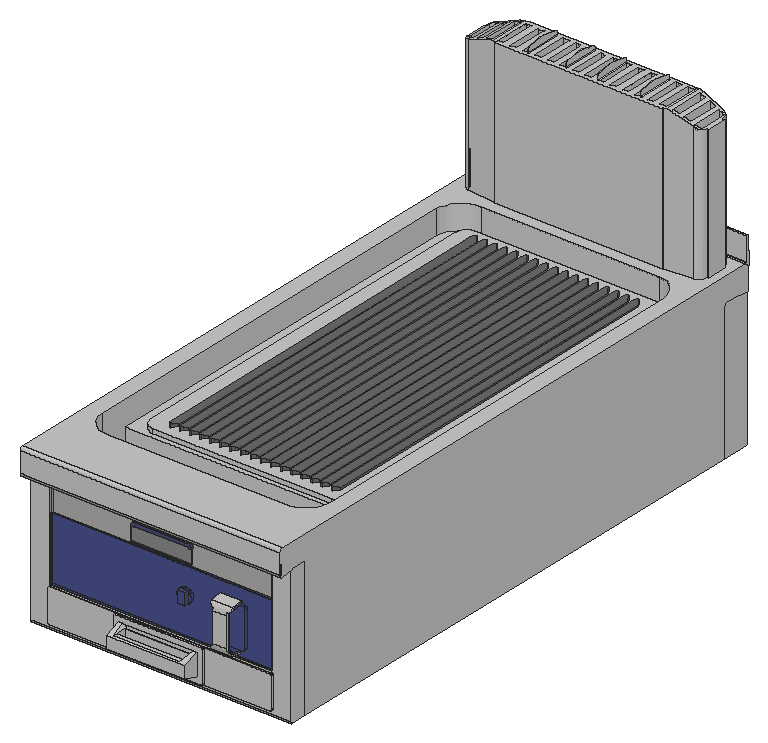
Revit family "QF_ELECTROLUXPROFESSIONAL_593321_MCHMABHOVO", category Specialty Equipment, Revit 2018 (continued)
Definition of nested family "GG_900_Flute for 400 fryer"
  Automatic sketch dimensions
    plane 5 to curve 10 = 15.407 mm
    curve 5 to curve 5 = 12.5 mm
    curve 10 to curve 9 = 0 mm
    curve 4 to curve 5 = 0 mm
    plane 5 to curve 6 = 32.954 mm
    curve 11 to curve 11 = 12.5 mm
    curve 4 to plane 5 = 15.407 mm
    curve 11 to curve 9 = 0 mm
    curve 3 to curve 3 = 12.5 mm
Definition of nested family "GG_900_400 mm Full Grate"
  Parameters
    Length = 262 mm
    Array = Length / 15 mm  # 17
  Reference planes
    plane 1: z = 0
    plane 2 "Center (Left/Right)": x = 0
    plane 3: z = 900
    plane 4: z = 888
    plane 5: x = -175
    plane 6: x = 135
    plane 7: x = -151
    plane 8: x = 131
  Forms (mm)
    Extrusion 1, solid
      sketch origin (653.786, 467.26, 0) x (1, 0, 0) y (0, 1, 0)
        loop
          line (-808.786, -175.198) -> (-808.786, -760.472)
          arc (-808.786, -760.472) -> (-803.807, -772.493) -> (-791.786, -777.472) r 17
          line (-791.786, -777.472) -> (-516.936, -777.472)
          arc (-516.936, -777.472) -> (-504.102, -772.156) -> (-498.786, -759.322) r 18.15
          line (-498.786, -759.322) -> (-498.786, -175.198)
          arc (-498.786, -175.198) -> (-504.102, -162.364) -> (-516.936, -157.048) r 18.15
          line (-516.936, -157.048) -> (-790.636, -157.048)
          arc (-790.636, -157.048) -> (-803.47, -162.364) -> (-808.786, -175.198) r 18.15
      from 888 to 894.474
  Lines and regions (mm)
    symbolic lines
      curve 1: line (-131, 286.484, 0) -> (-124.5, 295.767, 0)
      curve 2: line (-124.5, 295.767, 0) -> (-118, 286.484, 0)
      curve 3: line (-118, -286.484, 0) -> (-118, 286.484, 0)
      curve 4: line (-131, 286.484, 0) -> (-131, -286.484, 0)
      curve 5: line (-124.5, -295.767, 0) -> (-131, -286.484, 0)
      curve 6: line (-118, -286.484, 0) -> (-124.5, -295.767, 0)
      curve 7: line (136.85, 310.212, 0) -> (-136.85, 310.212, 0)
      curve 8: arc (-136.85, 310.212, 0) -> (-149.684, 304.896, 0) -> (-155, 292.062, 0) r 18.15
      curve 9: line (-155, 292.062, 0) -> (-155, -293.212, 0)
      curve 10: arc (-155, -293.212, 0) -> (-150.021, -305.233, 0) -> (-138, -310.212, 0) r 17
      curve 11: line (-138, -310.212, 0) -> (136.85, -310.212, 0)
      curve 12: arc (136.85, -310.212, 0) -> (149.684, -304.896, 0) -> (155, -292.062, 0) r 18.15
      curve 13: line (155, -292.062, 0) -> (155, 292.062, 0)
      curve 14: arc (155, 292.062, 0) -> (149.684, 304.896, 0) -> (136.85, 310.212, 0) r 18.15
      curve 15: line (118, 286.484, 0) -> (124.5, 295.767, 0)
      curve 16: line (124.5, 295.767, 0) -> (131, 286.484, 0)
      curve 17: line (131, -286.484, 0) -> (131, 286.484, 0)
      curve 18: line (118, 286.484, 0) -> (118, -286.484, 0)
      curve 19: line (124.5, -295.767, 0) -> (118, -286.484, 0)
      curve 20: line (131, -286.484, 0) -> (124.5, -295.767, 0)
      curve 21: line (-115.438, 286.484, 0) -> (-108.938, 295.767, 0)
      curve 22: line (-108.938, 295.767, 0) -> (-102.438, 286.484, 0)
      curve 23: line (-102.438, -286.484, 0) -> (-102.438, 286.484, 0)
      curve 24: line (-115.438, 286.484, 0) -> (-115.438, -286.484, 0)
      curve 25: line (-108.938, -295.767, 0) -> (-115.438, -286.484, 0)
      curve 26: line (-102.438, -286.484, 0) -> (-108.938, -295.767, 0)
      curve 27: line (-99.875, 286.484, 0) -> (-93.375, 295.767, 0)
      curve 28: line (-93.375, 295.767, 0) -> (-86.875, 286.484, 0)
      curve 29: line (-86.875, -286.484, 0) -> (-86.875, 286.484, 0)
      curve 30: line (-99.875, 286.484, 0) -> (-99.875, -286.484, 0)
      curve 31: line (-93.375, -295.767, 0) -> (-99.875, -286.484, 0)
      curve 32: line (-86.875, -286.484, 0) -> (-93.375, -295.767, 0)
      curve 33: line (-84.313, 286.484, 0) -> (-77.813, 295.767, 0)
      curve 34: line (-77.813, 295.767, 0) -> (-71.313, 286.484, 0)
      curve 35: line (-71.313, -286.484, 0) -> (-71.313, 286.484, 0)
      curve 36: line (-84.313, 286.484, 0) -> (-84.313, -286.484, 0)
      curve 37: line (-77.813, -295.767, 0) -> (-84.313, -286.484, 0)
      curve 38: line (-71.313, -286.484, 0) -> (-77.813, -295.767, 0)
      curve 39: line (-68.75, 286.484, 0) -> (-62.25, 295.767, 0)
      curve 40: line (-62.25, 295.767, 0) -> (-55.75, 286.484, 0)
      curve 41: line (-55.75, -286.484, 0) -> (-55.75, 286.484, 0)
      curve 42: line (-68.75, 286.484, 0) -> (-68.75, -286.484, 0)
      curve 43: line (-62.25, -295.767, 0) -> (-68.75, -286.484, 0)
      curve 44: line (-55.75, -286.484, 0) -> (-62.25, -295.767, 0)
      curve 45: line (-53.188, 286.484, 0) -> (-46.688, 295.767, 0)
      curve 46: line (-46.688, 295.767, 0) -> (-40.188, 286.484, 0)
      curve 47: line (-40.188, -286.484, 0) -> (-40.188, 286.484, 0)
      curve 48: line (-53.188, 286.484, 0) -> (-53.188, -286.484, 0)
      curve 49: line (-46.688, -295.767, 0) -> (-53.188, -286.484, 0)
      curve 50: line (-40.188, -286.484, 0) -> (-46.688, -295.767, 0)
      curve 51: line (-37.625, 286.484, 0) -> (-31.125, 295.767, 0)
      curve 52: line (-31.125, 295.767, 0) -> (-24.625, 286.484, 0)
      curve 53: line (-24.625, -286.484, 0) -> (-24.625, 286.484, 0)
      curve 54: line (-37.625, 286.484, 0) -> (-37.625, -286.484, 0)
      curve 55: line (-31.125, -295.767, 0) -> (-37.625, -286.484, 0)
      curve 56: line (-24.625, -286.484, 0) -> (-31.125, -295.767, 0)
      curve 57: line (-22.063, 286.484, 0) -> (-15.563, 295.767, 0)
      curve 58: line (-15.563, 295.767, 0) -> (-9.063, 286.484, 0)
      curve 59: line (-9.063, -286.484, 0) -> (-9.063, 286.484, 0)
      curve 60: line (-22.063, 286.484, 0) -> (-22.063, -286.484, 0)
      curve 61: line (-15.563, -295.767, 0) -> (-22.063, -286.484, 0)
      curve 62: line (-9.063, -286.484, 0) -> (-15.563, -295.767, 0)
      curve 63: line (-6.5, 286.484, 0) -> (0, 295.767, 0)
      curve 64: line (0, 295.767, 0) -> (6.5, 286.484, 0)
      curve 65: line (6.5, -286.484, 0) -> (6.5, 286.484, 0)
      curve 66: line (-6.5, 286.484, 0) -> (-6.5, -286.484, 0)
      curve 67: line (0, -295.767, 0) -> (-6.5, -286.484, 0)
      curve 68: line (6.5, -286.484, 0) -> (0, -295.767, 0)
      curve 69: line (9.062, 286.484, 0) -> (15.562, 295.767, 0)
      curve 70: line (15.562, 295.767, 0) -> (22.062, 286.484, 0)
      curve 71: line (22.062, -286.484, 0) -> (22.062, 286.484, 0)
      curve 72: line (9.062, 286.484, 0) -> (9.062, -286.484, 0)
      curve 73: line (15.562, -295.767, 0) -> (9.062, -286.484, 0)
      curve 74: line (22.062, -286.484, 0) -> (15.562, -295.767, 0)
      curve 75: line (24.625, 286.484, 0) -> (31.125, 295.767, 0)
      curve 76: line (31.125, 295.767, 0) -> (37.625, 286.484, 0)
      curve 77: line (37.625, -286.484, 0) -> (37.625, 286.484, 0)
      curve 78: line (24.625, 286.484, 0) -> (24.625, -286.484, 0)
      curve 79: line (31.125, -295.767, 0) -> (24.625, -286.484, 0)
      curve 80: line (37.625, -286.484, 0) -> (31.125, -295.767, 0)
      curve 81: line (40.187, 286.484, 0) -> (46.687, 295.767, 0)
      curve 82: line (46.687, 295.767, 0) -> (53.188, 286.484, 0)
      curve 83: line (53.188, -286.484, 0) -> (53.188, 286.484, 0)
      curve 84: line (40.187, 286.484, 0) -> (40.187, -286.484, 0)
      curve 85: line (46.687, -295.767, 0) -> (40.187, -286.484, 0)
      curve 86: line (53.188, -286.484, 0) -> (46.687, -295.767, 0)
      curve 87: line (55.75, 286.484, 0) -> (62.25, 295.767, 0)
      curve 88: line (62.25, 295.767, 0) -> (68.75, 286.484, 0)
      curve 89: line (68.75, -286.484, 0) -> (68.75, 286.484, 0)
      curve 90: line (55.75, 286.484, 0) -> (55.75, -286.484, 0)
      curve 91: line (62.25, -295.767, 0) -> (55.75, -286.484, 0)
      curve 92: line (68.75, -286.484, 0) -> (62.25, -295.767, 0)
      curve 93: line (71.312, 286.484, 0) -> (77.812, 295.767, 0)
      curve 94: line (77.812, 295.767, 0) -> (84.313, 286.484, 0)
      curve 95: line (84.313, -286.484, 0) -> (84.313, 286.484, 0)
      curve 96: line (71.312, 286.484, 0) -> (71.312, -286.484, 0)
      curve 97: line (77.812, -295.767, 0) -> (71.312, -286.484, 0)
      curve 98: line (84.313, -286.484, 0) -> (77.812, -295.767, 0)
      curve 99: line (86.875, 286.484, 0) -> (93.375, 295.767, 0)
      curve 100: line (93.375, 295.767, 0) -> (99.875, 286.484, 0)
      curve 101: line (99.875, -286.484, 0) -> (99.875, 286.484, 0)
      curve 102: line (86.875, 286.484, 0) -> (86.875, -286.484, 0)
      curve 103: line (93.375, -295.767, 0) -> (86.875, -286.484, 0)
      curve 104: line (99.875, -286.484, 0) -> (93.375, -295.767, 0)
      curve 105: line (102.438, 286.484, 0) -> (108.938, 295.767, 0)
      curve 106: line (108.938, 295.767, 0) -> (115.438, 286.484, 0)
      curve 107: line (115.438, -286.484, 0) -> (115.438, 286.484, 0)
      curve 108: line (102.438, 286.484, 0) -> (102.438, -286.484, 0)
      curve 109: line (108.938, -295.767, 0) -> (102.438, -286.484, 0)
      curve 110: line (115.438, -286.484, 0) -> (108.938, -295.767, 0)
  Dimensions and locks
    plane 3 to level = 900 mm
    plane 3 to plane 4 = 12 mm
    plane 5 to plane 6 = 310 mm
    aligned and locked: Extrusion 1 to nested 1
  Nested families
    nested 1: "Grate for Griddle" at (-124.5, 0, 11.99), type "Grate for Griddle"
    nested 2: "Grate for Griddle" at (124.5, 0, 11.99), type "Grate for Griddle"
    nested 3: "Grate for Griddle" at (-108.938, 0, 11.99), type "Grate for Griddle"
    nested 4: "Grate for Griddle" at (-93.375, 0, 11.99), type "Grate for Griddle"
    nested 5: "Grate for Griddle" at (-77.813, 0, 11.99), type "Grate for Griddle"
    nested 6: "Grate for Griddle" at (-62.25, 0, 11.99), type "Grate for Griddle"
    nested 7: "Grate for Griddle" at (-46.688, 0, 11.99), type "Grate for Griddle"
    nested 8: "Grate for Griddle" at (-31.125, 0, 11.99), type "Grate for Griddle"
    nested 9: "Grate for Griddle" at (-15.563, 0, 11.99), type "Grate for Griddle"
    nested 10: "Grate for Griddle" at (0, 0, 11.99), type "Grate for Griddle"
    nested 11: "Grate for Griddle" at (15.562, 0, 11.99), type "Grate for Griddle"
    nested 12: "Grate for Griddle" at (31.125, 0, 11.99), type "Grate for Griddle"
    nested 13: "Grate for Griddle" at (46.687, 0, 11.99), type "Grate for Griddle"
    nested 14: "Grate for Griddle" at (62.25, 0, 11.99), type "Grate for Griddle"
    nested 15: "Grate for Griddle" at (77.812, 0, 11.99), type "Grate for Griddle"
    nested 16: "Grate for Griddle" at (93.375, 0, 11.99), type "Grate for Griddle"
    nested 17: "Grate for Griddle" at (108.938, 0, 11.99), type "Grate for Griddle"
  Definition of nested family "Grate for Griddle"
    Reference planes
      plane 1 "Center (Front/Back)": y = 0
      plane 2: z = 0
      plane 3 "Center (Left/Right)": x = 0
      plane 4: x = -5.214
      plane 5: x = 7.786
      plane 6: y = 294
      plane 7: y = -294
    Forms (mm)
      Extrusion 1, solid
        sketch origin (1322.686, 294, -6.066) x (1, 0, 0) y (0, 0, 1)
          loop
            line (-1316.186, 888.55) -> (-1316.186, 890.55)
            arc (-1316.186, 890.55) -> (-1322.686, 894.177) -> (-1329.186, 890.55) r 7.638
            line (-1329.186, 890.55) -> (-1329.186, 888.55) -> (-1316.186, 888.55)
        from 0 to 588
      Extrusion 2, void
        sketch origin (0, 0, 0) x (1, 0, 0) y (0, 1, 0)
          loop
            line (-1.237, 294) -> (-6.5, 294) -> (-6.5, 286.484) -> (-1.237, 294)
          loop
            line (1.237, 294) -> (6.5, 286.484) -> (6.5, 294) -> (1.237, 294)
          loop
            line (-1.237, -294) -> (-6.5, -286.484) -> (-6.5, -294) -> (-1.237, -294)
          loop
            line (1.237, -294) -> (6.5, -294) -> (6.5, -286.484) -> (1.237, -294)
        from 878.991 to 892.372
    Cuts and joins
      Extrusion 2 cuts Extrusion 1
    Lines and regions (mm)
      symbolic lines
        curve 1: line (6.5, -286.484, 0) -> (6.5, 286.484, 0)
        curve 2: line (6.5, -286.484, 0) -> (1.237, -294, 0)
        curve 3: line (-1.237, -294, 0) -> (-6.5, -286.484, 0)
        curve 4: line (-6.5, 286.484, 0) -> (-6.5, -286.484, 0)
        curve 5: line (-6.5, 286.484, 0) -> (-1.237, 294, 0)
        curve 6: line (1.237, 294, 0) -> (6.5, 286.484, 0)
    Dimensions and locks
      plane 6 to plane 7 = 588 mm
      aligned and locked: Extrusion 1 to plane 7
      aligned and locked: plane 6 to Extrusion 1
      aligned and locked: curve 1 to cut or joined group of Extrusion 1, Extrusion 2
      aligned and locked: curve 2 to cut or joined group of Extrusion 1, Extrusion 2
      aligned and locked: curve 3 to cut or joined group of Extrusion 1, Extrusion 2
      aligned and locked: curve 4 to cut or joined group of Extrusion 1, Extrusion 2
      aligned and locked: curve 5 to cut or joined group of Extrusion 1, Extrusion 2
      aligned and locked: curve 6 to cut or joined group of Extrusion 1, Extrusion 2
